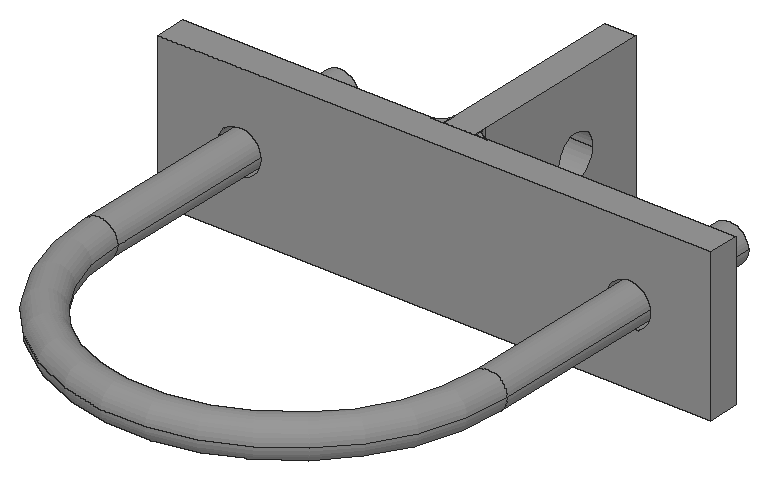
Revit family "BCA-K312(3-4)", category Site, Revit 2025
Family settings
  Round Connector Dimension = Use Diameter
  Part Type = Normal
  Work Plane-Based = No
  Always vertical = Yes
  Cut with Voids When Loaded = No
  Shared = No
Parameters (values of type "Postech-Vistech BCA-K312(3-4)")
  L/2 Plate-pile = 0' - 2 3/4"
  L PLate-C = 0' - 2"
  Dist Holes plate-pile = 0' - 0 13/16"
Reference planes (in)
  plane 1 "Center (Front/Back)": y = 0
  plane 2: z = 0
  plane 3 "Center (Left/Right)": x = 0
Forms (in)
  Extrusion 1, solid, material "Galvanized"
    sketch origin (0, 0, 0) x (1, 0, 0) y (0, 0, 1)
      loop
        line (2.75, 0) -> (2.75, 1.5) -> (-2.75, 1.5) -> (-2.75, 0) -> (2.75, 0)
      loop
        circle (-1.9375, 0.75) r 0.21875
      loop
        circle (1.9375, 0.75) r 0.21875
    from 0 to 0.3125
  Extrusion 2, solid, material "Galvanized"
    sketch origin (0, 0, 0) x (0, 1, 0) y (0, 0, 1)
      loop
        line (0, 1.5) -> (0, 0) -> (2, 0) -> (2, 1.5) -> (0, 1.5)
      loop
        circle (1.25, 0.75) r 0.21875
    from -0.15625 to 0.15625
  Sweep 3, solid, material "Galvanized"
    path in 3D
      loop
        line (0.15625, 0, 1.5) -> (0.15625, 0, 0)
    profile origin (0.15625, 0, 0.75) x (1, 0, 0) y (0, 1, 0)
      loop
        arc (0.125, 0) -> (0.03661, 0.03661) -> (0, 0.125) r 0.125
        line (0, 0.125) -> (0, 0) -> (0.125, 0)
  Sweep 4, solid, material "Galvanized"
    path in 3D
      loop
        line (-0.15625, 0, 1.5) -> (-0.15625, 0, 0)
    profile origin (-0.15625, 0, 0.75) x (-1, 0, 0) y (0, -1, 0)
      loop
        line (0.125, 0) -> (0, 0) -> (0, -0.125)
        arc (0, -0.125) -> (0.03661, -0.03661) -> (0.125, 0) r 0.125
Lines and regions (in)
  sketch lines
    curve 1: line (0.15625, 0, 1.5) -> (0.15625, 0, 0)
    curve 2: line (-0.15625, 0, 1.5) -> (-0.15625, 0, 0)
Dimensions and locks (in)
  "Dist Holes plate-pile": Extrusion 1 sketch curve to Extrusion 1 sketch curve  (x2)
  "L PLate-C": Extrusion 1 to Extrusion 2 sketch curve
  "L/2 Plate-pile": plane 3 "Center (Left/Right)" to Extrusion 1 sketch curve  (x2)
Automatic sketch dimensions
  Sweep 3 sketch curve to profile plane = 0' - 0"
  profile plane to Sweep 3 sketch curve = 0' - 0"
  profile plane to Sweep 3 sketch curve = 0' - 0 1/8"
  Sweep 4 sketch curve to profile plane = 0' - 0"  (x2)
  profile plane to Sweep 4 sketch curve = 0' - 0 1/8"
  Extrusion 1 sketch curve to level = 0' - 0"
  level to Extrusion 1 sketch curve = 0' - 0 3/4"  (x2)
  Extrusion 1 sketch curve to Extrusion 1 sketch curve = 0' - 0 3/4"
  Extrusion 2 sketch curve to plane 1 "Center (Front/Back)" = 0' - 0"
  Extrusion 2 sketch curve to level = 0' - 0"
  Extrusion 2 sketch curve to Extrusion 2 sketch curve = 0' - 0 3/4"  (x2)
  level to Extrusion 2 sketch curve = 0' - 0 3/4"
  radius of Extrusion 1 sketch curve = 0' - 0 7/32"  (x2)
  radius of Extrusion 2 sketch curve = 0' - 0 7/32"
Nested families (in)
  nested 1: "BCA-K312(4)" at (0, -2.06367, 0.75), type "Postech-Vistech BCA-K312(4)"
Definition of nested family "BCA-K312(4)"
  Reference planes (in)
    plane 1 "Center (Front/Back)": y = 0
    plane 2: z = 0
    plane 3 "Center (Left/Right)": x = 0
  Forms (in)
    Sweep 1, solid
      path origin (0, 0, 0) x (1, 0, 0) y (0, 1, 0)
        loop
          line (-1.9375, -3) -> (-1.9375, 0)
          arc (-1.9375, 0) -> (0, 1.9375) -> (1.9375, 0) r 1.9375
          line (1.9375, 0) -> (1.9375, -3)
      profile origin (0, 1.9375, 0) x (0, 1, 0) y (0, 0, 1)
        loop
          circle (0, 0) r 0.1875
    Extrusion 2, solid
      sketch origin (0.59375, 0, 0) x (1, 0, 0) y (0, 0, 1)
        loop
          line (-2.35131, -0.31166) -> (-2.17137, 0) -> (-2.35131, 0.31166) -> (-2.71119, 0.31166) -> (-2.89113, 0) -> (-2.71119, -0.31166) -> (-2.35131, -0.31166)
        loop
          circle (-2.53125, 0) r 0.15625
        loop
          line (1.52369, -0.31166) -> (1.70363, 0) -> (1.52369, 0.31166) -> (1.16381, 0.31166) -> (0.98387, 0) -> (1.16381, -0.31166) -> (1.52369, -0.31166)
        loop
          circle (1.34375, 0) r 0.15625
      from 2.06297 to 2.50437
